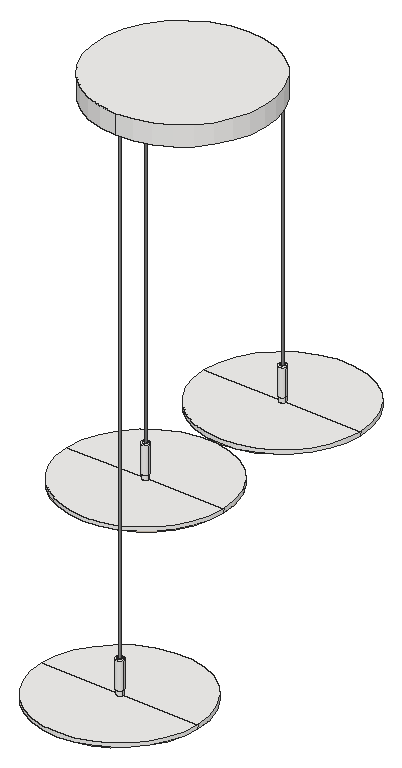
Revit family "Haworth_Circa_Pendant_ThreeLight", category Lighting Fixtures, host Ceiling, Revit 2018
Family settings
  Host = Ceiling
  Round Connector Dimension = Use Diameter
  Part Type = Normal
  OmniClass Number = 23.80.70.11
  OmniClass Title = Luminaries for Internal Lighting
  Always vertical = Yes
  Cut with Voids When Loaded = No
  Light Source = Yes
  Shared = No
  Room Calculation Point = No
Parameters (values of type "LRP3-1610 - Large")
  Wattage = 10.5 W
  built-in parameter 1150110 = 1 (stored number, unit not read)
  built-in parameter 1114217 = 1 (stored number, unit not read)
  Tilt Angle = 90.00°
  built-in parameter 1150109 = 1 (stored number, unit not read)
  built-in parameter 1150134 = (empty or 0)
  built-in parameter 1150113 = 1 (stored number, unit not read)
  Small = not(Large)  # no
  Photometric Web File = "generic"
  Pendant Radius = if(Large, 0' 8", 0' 6")  # 0' - 8"
  built-in parameter 1150142 = (empty or 0)
  built-in parameter 1150105 = 43.449 (stored number, unit not read)
  Lumens = 546 lm
  built-in parameter 1150115 = 1 (stored number, unit not read)
  Light Offset [instance] = Actual Cords 3 Length + 0' 4 1/2"  # 4' - 4 1/2"
  built-in parameter 1150137 = (empty or 0)
  built-in parameter 1150139 = (empty or 0)
  Large = yes
  Lamps Width = 1' - 5"  # constant formula
  Warranty = "http://www.haworth.com/resources/product-info/warranties"
  URL - Product = "https://www.haworth.com/products/lighting/table/circa"
  URL = "http://www.haworth.com/our-brands/haworth-collection"
  Trim Finish [instance] = Haworth _ Paint _ Collection White
  Size = "Verify Final Dim. w/ Haworth"  # constant formula
  Revision Number = "1"  # constant formula
  Model = "LRP3"  # constant formula
  Min. Cords Length = 0' - 6"  # constant formula
  Max. Cords Length = 10' - 0"  # constant formula
  Manufacturer = "Haworth"  # constant formula
  Lamps Depth = Lamps Width  # 1' - 5"
  built-in parameter 1150112 = 1 (stored number, unit not read)
  built-in parameter 1150114 = 1 (stored number, unit not read)
  built-in parameter 1150132 = (empty or 0)
  built-in parameter 1150102 = (empty or 0)
  built-in parameter 1150107 = 2700 (stored number, unit not read)
  built-in parameter 1150138 = (empty or 0)
  built-in parameter 1150106 = 0.43449 (stored number, unit not read)
  Glass Finish = Haworth _ Glass _ Frosted
  Emit from Circle Diameter = 2' - 0"
  Emit Shape Visible in Rendering = no
  built-in parameter 1150104 = 4.831 (stored number, unit not read)
  Dimming Lamp Color Temperature Shift = <None>
  Description = "Haworth Circa Pendant with Three Light Large"
  Lamps Radius = Lamps Width / 2  # 0' - 8 1/2"
  Cords Finish = Haworth _ Metal _ Satin Aluminum_Grey-Cord TR-E05
  Cords 3 Length [instance] = 4' - 0"  # constant formula
  Cords 2 Length [instance] = 3' - 0"  # constant formula
  Cords 1 Length [instance] = 2' - 0"  # constant formula
  Color Filter = 16777215
  built-in parameter 1140040 [instance] = 1
  built-in parameter 1114218 = 1 (stored number, unit not read)
  Author = "Haworth (Alias)"  # constant formula
  built-in parameter 1150133 = 10 (stored number, unit not read)
  Assembly Code = "D5020200"
  Apparent Load = 0 VA
  Actual Cords 3 Length [instance] = if(Cords 3 Length > Max. Cords Length, Max. Cords Length, if(Cords 3 Length < Min. Cords Length, Min. Cords Length, Cords 3 Length))  # 4' - 0"
  Actual Cords 2 Length [instance] = if(Cords 2 Length > Max. Cords Length, Max. Cords Length, if(Cords 2 Length < Min. Cords Length, Min. Cords Length, Cords 2 Length))  # 3' - 0"
  Actual Cords 1 Length [instance] = if(Cords 1 Length > Max. Cords Length, Max. Cords Length, if(Cords 1 Length < Min. Cords Length, Min. Cords Length, Cords 1 Length))  # 2' - 0"
Types (3): name | Tilt Angle | Small | Pendant Radius | Large | Description
  (no name) | 90.00° | no | 0' - 8" | yes | "Haworth Circa Pendant with Three Light Large"
  LRP3-1610 - Large | 90.00° | no | 0' - 8" | yes | "Haworth Circa Pendant with Three Light Large"
  LRP3-1210 - Small | 60.00° | yes | 0' - 6" | no | "Haworth Circa Pendant with Three Light Small"
Reference planes (in)
  plane 1 "Light Source Axis (F/B)": y = 0
  plane 2 "Ceiling": z = 129.5
  plane 3 "Light Source Axis (L/R)": x = 0
  plane 4 "Light Source Elevation": z = 75
  plane 5 "Back": y = 8.5
  plane 6 "Front": y = -8.5
  plane 7 "Left": x = -8.5
  plane 8 "Right": x = 8.5
  plane 9 "Bottom Bracket": z = 127.5
  plane 10 "Lamp 2": y = -8.00157
  plane 11 "Lamp 1.1": x = 7
  plane 12 "Lamp 1.2": y = 3.99843
  plane 13: y = 3.99843
  plane 14 "Lamp 3.1": x = -7
Forms (in)
  Extrusion 1, solid, material "Haworth _ Paint _ Collection White"
    sketch origin (0, 0, 75) x (0, -1, 0) y (1, 0, 0)
      loop
        circle (0, 0) r 8.5
    from 52.5 to 54.5
Lines and regions (in)
  Masking region 1
    outline origin (0, 0, 78.20276) x (0, -1, 0) y (1, 0, 0)
      loop
        circle (0, 0) r 8.5
  symbolic lines
    curve 1: circle (7, 3.99843, 78.20276) r 8 normal (0, 0, -1)
    curve 2: circle (-7, 3.99843, 78.20276) r 8 normal (0, 0, -1)
    curve 3: circle (0, -8.00157, 78.20276) r 8 normal (0, 0, -1)
Dimensions and locks (in)
  equal spacing: host sketch curve, plane 3 "Light Source Axis (L/R)", host sketch curve
  equal spacing: host sketch curve, plane 1 "Light Source Axis (F/B)", host sketch curve
  host sketch curve to host sketch curve = 10' - 0"  (x2)
  locked: plane 2 "Ceiling" to plane 9 "Bottom Bracket" at 2
  equal spacing: plane 7 "Left", plane 3 "Light Source Axis (L/R)", plane 8 "Right"  (x2)
  equal spacing: plane 5 "Back", plane 1 "Light Source Axis (F/B)", plane 6 "Front"
  "Lamps Width": plane 7 "Left" to plane 8 "Right"
  "Lamps Depth": plane 5 "Back" to plane 6 "Front"
  "Light Offset": plane 9 "Bottom Bracket" to plane 4 "Light Source Elevation"
  "Lamps Radius": radius of Masking region 1 sketch curve
  "Pendant Radius": radius of curve 1
  "Pendant Radius": radius of curve 2
  "Pendant Radius": radius of curve 3
  aligned and locked: plane 2 "Ceiling" to host ceiling
  aligned and locked: plane 2 "Ceiling" to Extrusion 1
  aligned and locked: plane 9 "Bottom Bracket" to Extrusion 1
  aligned and locked: plane 3 "Light Source Axis (L/R)" to Extrusion 1 sketch curve
  aligned and locked: plane 1 "Light Source Axis (F/B)" to Extrusion 1 sketch curve
  aligned and locked: nested 1 to plane 12 "Lamp 1.2"
  aligned and locked: nested 1 to plane 11 "Lamp 1.1"
  aligned and locked: plane 2 "Ceiling" to nested 1
  aligned and locked: nested 3 to plane 14 "Lamp 3.1"
  aligned and locked: nested 3 to plane 13
  aligned and locked: nested 2 to plane 10 "Lamp 2"
  aligned and locked: plane 3 "Light Source Axis (L/R)" to nested 2
  aligned and locked: plane 2 "Ceiling" to nested 2
  aligned and locked: plane 2 "Ceiling" to nested 3
  aligned and locked: plane 1 "Light Source Axis (F/B)" to Masking region 1 sketch curve
  aligned and locked: plane 3 "Light Source Axis (L/R)" to Masking region 1 sketch curve
  aligned and locked: plane 12 "Lamp 1.2" to curve 1
  aligned and locked: plane 11 "Lamp 1.1" to curve 1
  aligned and locked: plane 13 to curve 2
  aligned and locked: plane 14 "Lamp 3.1" to curve 2
  aligned and locked: plane 10 "Lamp 2" to curve 3
  aligned and locked: plane 3 "Light Source Axis (L/R)" to curve 3
  aligned and locked: plane 3 "Light Source Axis (L/R)" to imposter light
  aligned and locked: imposter light to plane 1 "Light Source Axis (F/B)"
  aligned and locked: imposter light to plane 4 "Light Source Elevation"
Automatic sketch dimensions
  radius of Extrusion 1 sketch curve = 0' - 8 1/2"
Nested families (in)
  nested 1: "Haworth_Circa_Pendant_ PART" at (7, 3.99843, 95), Cords Length <- "Cords 1 Length", type "Pendant"
    with Cords Length 2' - 0", Actual Cords Length 2' - 0"
  nested 2: "Haworth_Circa_Pendant_ PART" at (0, -8.00157, 71), Cords Length <- "Cords 3 Length", type "Pendant"
    with Cords Length 4' - 0", Actual Cords Length 4' - 0"
  nested 3: "Haworth_Circa_Pendant_ PART" at (-7, 3.99843, 83), Cords Length <- "Cords 2 Length", type "Pendant"
    with Cords Length 3' - 0", Actual Cords Length 3' - 0"
Connectors (in)
  electrical at (0, 0, 129.5), driven by "Apparent Load"
    settings: on Extrusion 1, index 1, voltage 120 V, apparent load 0 VA, apparent load phase1 0 VA, apparent load phase2 0 VA, apparent load phase3 0 VA, power factor 1, load classification "Other", number of poles 1, system type 31, power factor state 1, is connector primary yes, connector utility no, sub classification motor no, connector description ""
Definition of nested family "Haworth_Circa_Pendant_ PART"
  Parameters (values of type "Pendant")
    Wattage = 10.5 W
    Warranty = "http://www.haworth.com/resources/product-info/warranties"
    built-in parameter 1150110 = 1 (stored number, unit not read)
    URL - Product = "https://www.haworth.com/products/lighting/table/circa"
    URL = "http://www.haworth.com/our-brands/haworth-collection"
    Trim Finish = none
    built-in parameter 1114217 = 1 (stored number, unit not read)
    Tilt Angle = 90.00°
    built-in parameter 1150109 = 1 (stored number, unit not read)
    built-in parameter 1150134 = (empty or 0)
    built-in parameter 1150113 = 1 (stored number, unit not read)
    Small = no
    Size = "Verify Final Dim. w/ Haworth"  # constant formula
    Revision Number = "1"  # constant formula
    Photometric Web File = "generic"
    built-in parameter 1150142 = (empty or 0)
    Model = "LRP"  # constant formula
    Min. Cords Length = 0' - 6"  # constant formula
    Max. Cords Length = 10' - 0"  # constant formula
    Manufacturer = "Haworth"  # constant formula
    built-in parameter 1150105 = 43.449 (stored number, unit not read)
    Lumens = 546 lm
    built-in parameter 1150115 = 1 (stored number, unit not read)
    built-in parameter 1150137 = (empty or 0)
    built-in parameter 1150139 = (empty or 0)
    Large = yes
    built-in parameter 1150112 = 1 (stored number, unit not read)
    built-in parameter 1150114 = 1 (stored number, unit not read)
    built-in parameter 1150132 = (empty or 0)
    built-in parameter 1150102 = (empty or 0)
    built-in parameter 1150107 = 2700 (stored number, unit not read)
    built-in parameter 1150138 = (empty or 0)
    built-in parameter 1150106 = 0.43449 (stored number, unit not read)
    Glass Finish = none
    Emit from Circle Diameter = 2' - 0"
    Emit Shape Visible in Rendering = no
    built-in parameter 1150104 = 4.831 (stored number, unit not read)
    Dimming Lamp Color Temperature Shift = (empty or 0)
    Description = "Haworth Circa Pendant"
    Cords Length [instance] = 3' - 1 1/2"
    Cords Finish = none
    Color Filter = 16777215
    built-in parameter 1114218 = 1 (stored number, unit not read)
    Author = "Haworth(Alias)"  # constant formula
    built-in parameter 1150133 = 10 (stored number, unit not read)
    Actual Width = if(Large, 1' 4", 1' 0")  # 1' - 4"
    Actual Depth = Actual Width  # 1' - 4"
    Actual Cords Length [instance] = if(Cords Length > Max. Cords Length, Max. Cords Length, if(Cords Length < Min. Cords Length, Min. Cords Length, Cords Length))  # 3' - 1 1/2"
  Reference planes (in)
    plane 1 "Light Source Axis (F/B)": y = 0
    plane 2: z = 0
    plane 3 "Light Source Axis (L/R)": x = 0
    plane 4 "Light Source Elevation": z = 4.50391
    plane 5 "Top": z = 48
    plane 6 "Bottom Bracket": z = 46
    plane 7 "Bottom Cords": z = 8.5
    plane 8 "Bearing": z = 5.70312
    plane 9 "Top Lamps": z = 5.20312
    plane 10 "Bottom Lamps": z = 4.70312
    plane 11 "Back": y = 8
    plane 12 "Front": y = -8
    plane 13 "Right": x = 8
    plane 14 "Left": x = -8
  Forms (in)
    Extrusion 1, solid, material <- "Cords Finish"
      sketch origin (0, 0, 46) x (0, -1, 0) y (1, 0, 0)
        loop
          circle (0, 0) r 0.07813
      from -37.5 to 0
    Revolve 2, solid, material <- "Trim Finish"
      sketch origin (0, 0, 0) x (1, 0, 0) y (0, 0, 1)
        loop
          line (0, 8.5) -> (0, 4.82264)
          arc (0, 4.82264) -> (0.22284, 4.91495) -> (0.31514, 5.13779) r 0.31514
          line (0.31514, 5.13779) -> (0.31514, 5.70312) -> (0.37651, 5.70312) -> (0.37651, 8.4375)
          arc (0.37651, 8.4375) -> (0.35821, 8.48169) -> (0.31401, 8.5) r 0.0625
          line (0.31401, 8.5) -> (0, 8.5)
        axis (0, 8.5) -> (0, 4.82264)
      angle from 0 to 360
    Revolve 3, solid, material <- "Trim Finish"
      sketch origin (0, 0, 0) x (1, 0, 0) y (0, 0, 1)
        loop
          line (0, 5.20312) -> (0, 4.70313) -> (2, 4.70313) -> (2, 4.82812) -> (8, 4.82812) -> (8, 5.20312) -> (0, 5.20312)
        axis (0, 5.20312) -> (0, 4.70313)
      angle from 0 to 360
    Revolve 4, solid, material <- "Glass Finish"
      sketch origin (0, 0, 0) x (1, 0, 0) y (0, 0, 1)
        loop
          line (2, 4.82812) -> (2, 4.70312) -> (8, 4.70312) -> (8, 4.82812) -> (2, 4.82812)
        axis (0, 4.70312) -> (0, 4.82812)
      angle from 0 to 360
  Dimensions and locks (in)
    locked: Revolve 3 sketch curve to Revolve 3 sketch curve at 0.375
    locked: Revolve 3 sketch curve to Revolve 3 sketch curve at 2
    locked: Revolve 4 sketch curve to plane 3 "Light Source Axis (L/R)" at 2
    locked: Revolve 4 sketch curve to plane 10 "Bottom Lamps" at 0.125
    locked: plane 5 "Top" to plane 6 "Bottom Bracket" at 2
    "Actual Cords Length": plane 6 "Bottom Bracket" to plane 7 "Bottom Cords"
    locked: plane 7 "Bottom Cords" to plane 8 "Bearing" at 2.79687
    locked: plane 8 "Bearing" to plane 9 "Top Lamps" at 0.5
    locked: plane 9 "Top Lamps" to plane 10 "Bottom Lamps" at 0.5
    locked: plane 10 "Bottom Lamps" to plane 4 "Light Source Elevation" at 0.19922
    "Actual Width": plane 14 "Left" to plane 13 "Right"
    "Actual Depth": plane 12 "Front" to plane 11 "Back"
    equal spacing: plane 14 "Left", plane 3 "Light Source Axis (L/R)", plane 13 "Right"
    equal spacing: plane 11 "Back", plane 1 "Light Source Axis (F/B)", plane 12 "Front"
    aligned and locked: level to plane 2
    aligned and locked: imposter light to plane 4 "Light Source Elevation"
    aligned and locked: plane 1 "Light Source Axis (F/B)" to Extrusion 1 sketch curve
    aligned and locked: plane 3 "Light Source Axis (L/R)" to Extrusion 1 sketch curve
    aligned and locked: Extrusion 1 to plane 6 "Bottom Bracket"
    aligned and locked: plane 7 "Bottom Cords" to Extrusion 1
    aligned and locked: plane 7 "Bottom Cords" to Revolve 2 sketch curve
    aligned and locked: plane 3 "Light Source Axis (L/R)" to Revolve 2 sketch curve
    aligned and locked: Revolve 2 sketch curve to plane 8 "Bearing"
    aligned and locked: Revolve 2 sketch curve to plane 3 "Light Source Axis (L/R)"
    aligned and locked: Revolve 3 sketch curve to plane 3 "Light Source Axis (L/R)"
    aligned and locked: plane 3 "Light Source Axis (L/R)" to Revolve 3 sketch curve
    aligned and locked: plane 9 "Top Lamps" to Revolve 3 sketch curve
    aligned and locked: Revolve 3 sketch curve to plane 10 "Bottom Lamps"
    aligned and locked: Revolve 4 sketch curve to plane 10 "Bottom Lamps"
    aligned and locked: plane 3 "Light Source Axis (L/R)" to Revolve 4 sketch curve
    aligned and locked: Revolve 3 sketch curve to plane 13 "Right"
    aligned and locked: Revolve 4 sketch curve to plane 13 "Right"
  Automatic sketch dimensions
    plane 3 "Light Source Axis (L/R)" to Revolve 2 sketch curve = 0' - 0.31401"
    plane 3 "Light Source Axis (L/R)" to Revolve 2 sketch curve = 0' - 0.31514"
    plane 7 "Bottom Cords" to Revolve 2 sketch curve = 0' - 0 1/16"
    plane 9 "Top Lamps" to Revolve 2 sketch curve = 0' - 0.06534"
    plane 4 "Light Source Elevation" to Revolve 2 sketch curve = 0' - 1 193/256"
    Revolve 2 sketch curve to Revolve 2 sketch curve = 0' - 1 1/2"
    level to Revolve 3 sketch curve = 0' - 1.42808"
    Revolve 3 sketch curve to plane 7 "Bottom Cords" = 0' - 5.92808"
    Revolve 4 sketch curve to plane 7 "Bottom Cords" = 0' - 0"
    level to Revolve 4 sketch curve = 0' - 0 45/64"
    radius of Extrusion 1 sketch curve = 0' - 0 5/64"
